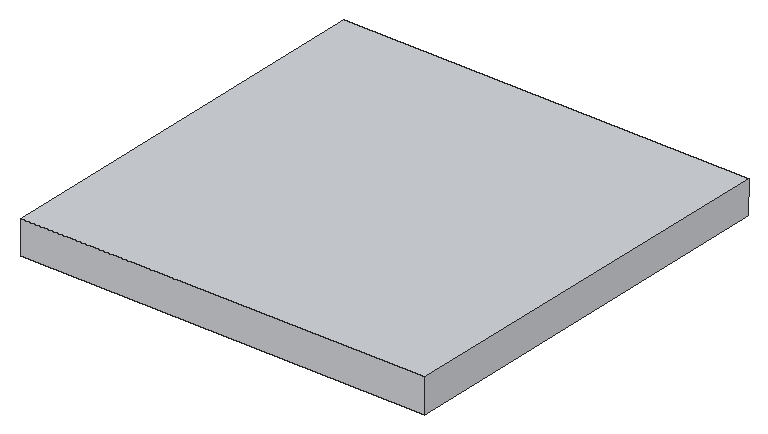
Revit family "d9da1bbad76a4088b6aa9a1daedd6a03", category Mechanical Equipment, host Face, Revit 2021
Family settings
  Host = Face
  Round Connector Dimension = Use Diameter
  Part Type = Normal
  OmniClass Number = 23.75.70.21.27
  OmniClass Title = Air Outlets and Inlets
  Seek Item ID = Rectangular Duct Connector - Return Air - Mechanical Equipment-0000-USA-ENU
  Cut with Voids When Loaded = No
  Shared = No
  Room Calculation Point = No
Parameters (values of type "Standard")
  Width [instance] = 12"
  Thickness [instance] = 1"
  Height [instance] = 12"
  Flow [instance] = 100 CFM
  Default Elevation = 0' - 0"
  Assembly Code = ""
Reference planes (in)
  plane 1 "Center (Front/Back)": y = 0
  plane 2: z = 0
  plane 3 "Center (Left/Right)": x = 0
Forms (in)
  Sweep 1, solid
    path in 3D
      loop
        line (0, 0, 0) -> (0, 0, 1)
    profile "Duct - Rectangular : Duct - Rectangular" origin (0, 0, 0.5) x (0, -1, 0) y (1, 0, 0)
      loop
        line (-6, 6) -> (-6, -6) -> (6, -6) -> (6, 6) -> (-6, 6)
Lines and regions (in)
  reference lines
    curve 1: line (0, 0, 0) -> (0, 0, 1)
  sketch lines
    curve 2: line (0, 0, 0) -> (0, 0, 1)
Dimensions and locks (in)
  "Thickness": curve 1 to curve 1
  aligned and locked: plane 2 to host face
  aligned and locked: level to host face
  aligned and locked: host face to curve 1
  aligned and locked: curve 1 to plane 1 "Center (Front/Back)"
Automatic sketch dimensions
  host sketch curve to host sketch curve = 8' - 0"  (x2)
Connectors (in)
  hvac at (0, 0, 1), driven by "Height", driven by "Width", driven by "Flow"
    settings: on Sweep 1, index 1, duct flow 100 CFM, flow factor 0, pres drop 0.00 in-wg, loss coef 0, conn angle 0.00°, conn width 12", conn height 12", conn diameter 24", duct sys type 2, conn prof type 1, flow config 1, flow direction 2, loss method 0, conn ref index -1, conn util no, is conn primary yes, conn desc ""
